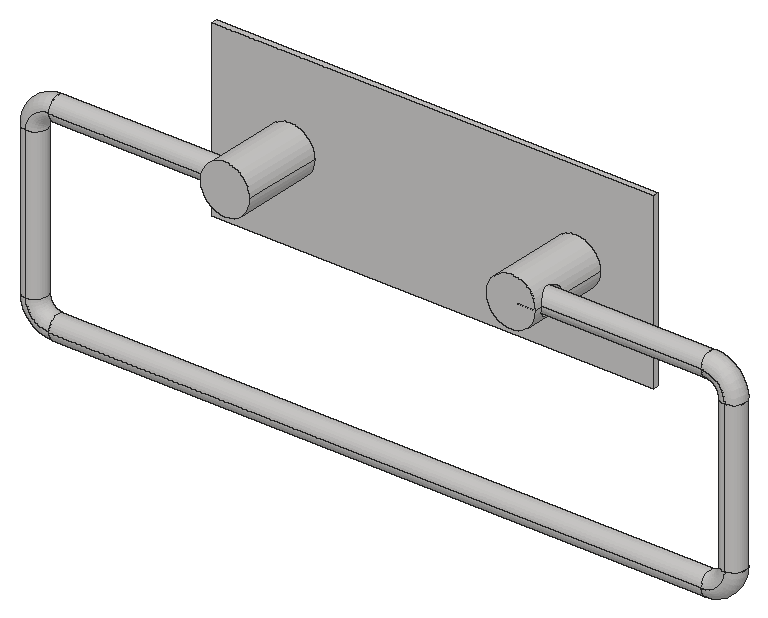
Revit family "T15", category Generic Models, Revit 2021
Family settings
  Can host rebar = No
  Round Connector Dimension = Use Diameter
  Part Type = Normal
  Work Plane-Based = No
  Always vertical = Yes
  Cut with Voids When Loaded = No
  Shared = No
  Room Calculation Point = No
Parameters (values of type "Standard")
  e-mail = "info@vola.com"
  URL = "http://vola.com"
  Telephone = "+45 7023 5500"
  Quality management standard = "ISO 9001"
  Organisation no. / DUNS no. = "17531328"
  Occupational health and safety management standard = "ISO 18001"
  Mounting Instructions = "http://vola.com/service/producturl.ashx?name=T15"
  Model = "T15"
  Materials and components information = "http://vola.com/service/producturl.ashx?name=T15"
  Manufacturer = "VOLA A/S"
  Maintenance Instructions = "http://vola.com/service/producturl.ashx?name=T15"
  Guarantee = "2 years"
  Environmental management standard = "ISO 14000"
  Default Elevation = 0.00 mm
  Connection - All relevant connections = ""
  Approvals = "http://vola.com/service/producturl.ashx?name=T15"
Reference planes
  plane 1 "Center (Front/Back)": y = 0
  plane 2: z = 0
  plane 3 "Center (Left/Right)": x = 0
Forms (mm)
  Extrusion 1, solid, material "Stainless Steel"
    sketch origin (0, 0, 0) x (1, 0, 0) y (0, 0, 1)
      loop
        line (-76.5, 30) -> (-76.5, -30) -> (76.5, -30) -> (76.5, 30) -> (-76.5, 30)
    from 0 to 2
  Extrusion 2, solid, material "Stainless Steel"
    sketch origin (1, -2, 0) x (1, 0, 0) y (0, 0, 1)
      loop
        circle (48.5, 0) r 8.5
    from 0 to 28
  Extrusion 3, solid, material "Stainless Steel"
    sketch origin (-1, -2, 0) x (-1, 0, 0) y (0, 0, -1)
      loop
        circle (48.5, 0) r 8.5
    from 0 to 28
  Sweep 4, solid, material "Stainless Steel"
    path origin (-80.163, -23, 1219.2) x (-1, 0, 0) y (0, 0, 1)
      loop
        line (-128.663, -1219.2) -> (-193.163, -1219.2)
        arc (-193.163, -1219.2) -> (-198.82, -1221.543) -> (-201.163, -1227.2) r 8
        line (-201.163, -1227.2) -> (-201.163, -1279.2)
        arc (-201.163, -1279.2) -> (-198.82, -1284.857) -> (-193.163, -1287.2) r 8
        line (-193.163, -1287.2) -> (32.837, -1287.2)
        arc (32.837, -1287.2) -> (38.494, -1284.857) -> (40.837, -1279.2) r 8
        line (40.837, -1279.2) -> (40.837, -1227.2)
        arc (40.837, -1227.2) -> (38.494, -1221.543) -> (32.837, -1219.2) r 8
        line (32.837, -1219.2) -> (-31.663, -1219.2)
    profile origin (-80.75, -23, 0) x (0, 0, -1) y (0, 1, 0)
      loop
        circle (0, 0) r 4
  Extrusion 5, void
    sketch origin (-57, -19, 1219.2) x (0, -1, 0) y (0, 0, 1)
      loop
        circle (4, -1219.2) r 4.75
    from -8.5 to 1.954
  Extrusion 6, void
    sketch origin (57, -19, 1219.2) x (0, -1, 0) y (0, 0, -1)
      loop
        circle (4, 1219.2) r 4.75
    from -8.5 to 1.86
Cuts and joins
  Extrusion 5, Extrusion 6 cuts Extrusion 2
  Extrusion 5 cuts Extrusion 3
Dimensions and locks
  aligned and locked: plane 2 to level
